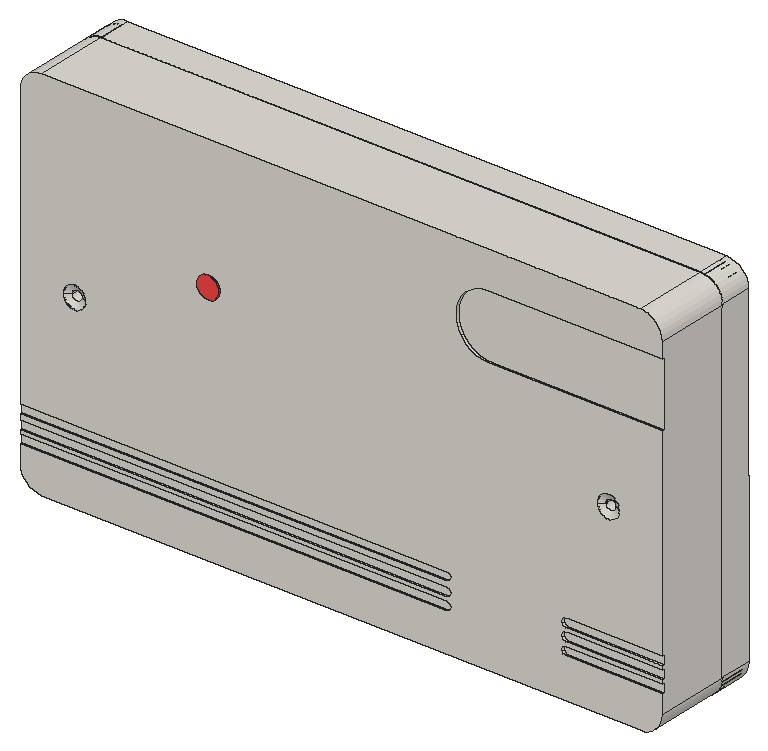
Revit family "TYCO-FPP-FireClass-FC410BDM BEAM DETECTOR MODULE", category Electrical Fixtures, Revit 2014
Parameters (values of type "TYCO-FPP-FireClass-FC410BDM BEAM DETECTOR MODULE")
  Typical Standby mA = "14"
  Width = 57 mm  # constant formula
  URL = "https://fireclass.co.uk/en/emea/DocumentandMedia1/Data%20Sheets/80093%20Tyco%20Datasheet_addressable%20Loop%20Modules%20LR.pdf"
  Typical Alarm mA = "21"
  Type Comments = "For remote siting of the FIRERAY\r\ndetector an optional BTM800 Terminal Module can be used."
  Storage Temperature = "–40°C to +80°C"
  Relative Humidity = "10% to 95%"
  Rear Cover = yes
  PCB = PCB
  Model = "FireClass- 555.800.766"
  Manufacturer = "Tyco"
  Loop Voltage = "20V to 40Vdc"
  Length = 48 mm  # constant formula
  Keynote = "The FC410BDM Beam Detector Interface Module is designed to\r\npower and interface one FIRERAY 50/100/2000/5000 Beam\r\nDetector to the FireClass Digital Addressable Loop."
  Front Cover = yes
  Detector EOL = "4k7 Ohm"
  Description = "Beam Detector"
  Operating Temperature = "10 - + 55 ºC"
Reference planes
  plane 1 "Center (Front/Back)": y = 0
  plane 2: z = 0
  plane 3 "Center (Left/Right)": x = 0
  plane 4: z = -24
  plane 5: z = 24
  plane 6: x = -28.5
  plane 7: x = 28.5
Forms (mm)
  Extrusion 1, solid, material "PCB" <- "PCB", detail levels fine
    sketch origin (0, 0, 0) x (1, 0, 0) y (0, 0, 1)
      loop
        line (-28.5, 24) -> (-28.5, -24) -> (28.5, -24) -> (28.5, 24) -> (-28.5, 24)
      loop
        circle (-18.236, 8.149) r 2
      loop
        circle (24.056, 20.106) r 1.086
      loop
        circle (24.056, -20.106) r 1.086
      loop
        circle (-25.405, 7.275) r 1.086
      loop
        circle (-24.056, -20.106) r 1.086
      loop
        circle (-18.236, -8.149) r 2
      loop
        circle (18.236, 8.149) r 2
      loop
        circle (18.236, -8.149) r 2
    from 0 to -0.506
  Extrusion 2, solid, material "ss", detail levels fine
    sketch origin (-28.5, 0, -22.75) x (0, 0, 1) y (0, 1, 0)
      loop
        line (46.493, 0) -> (35.717, 0) -> (35.717, -2.806) -> (38.91, -5.999) -> (43.91, -5.999) -> (46.493, -3.416) -> (46.493, 0)
    from -7.619 to -47.722
  Extrusion 3, solid, material "rsd", detail levels fine
    sketch origin (0, 0, 0) x (1, 0, 0) y (0, 0, 1)
      loop
        circle (17.096, 2.854) r 2.212
      loop
        circle (23.282, 2.854) r 2.212
    from 0 to 5.999
  Extrusion 4, solid, material "ss", detail levels fine
    sketch origin (0, 0, 0) x (1, 0, 0) y (0, 0, 1)
      loop
        line (-4.946, 9.168) -> (-4.946, 3.424) -> (-0.604, 3.424) -> (-0.604, 9.168) -> (-4.946, 9.168)
      loop
        line (0.932, 9.168) -> (0.932, 3.424) -> (5.273, 3.424) -> (5.273, 9.168) -> (0.932, 9.168)
    from 0 to 0.404
  Extrusion 5, solid, material "LED RED", detail levels fine
    sketch origin (0, 0, 0) x (1, 0, 0) y (0, 0, 1)
      loop
        circle (0, -13.741) r 1.2
    from 0 to 0.257
  Extrusion 6, solid, material "ST", detail levels fine
    sketch origin (-28.5, 0, 12.967) x (-1, 0, 0) y (0, 1, 0)
      loop
        line (-8.054, -5.759) -> (-8.054, -3.661) -> (-11.063, -3.661) -> (-11.063, -5.759) -> (-8.054, -5.759)
      loop
        line (-11.686, -5.759) -> (-11.686, -3.661) -> (-14.538, -3.661) -> (-14.538, -5.759) -> (-11.686, -5.759)
      loop
        line (-15.09, -5.759) -> (-15.09, -3.661) -> (-17.942, -3.661) -> (-17.942, -5.759) -> (-15.09, -5.759)
      loop
        line (-18.409, -5.759) -> (-18.409, -3.661) -> (-21.261, -3.661) -> (-21.261, -5.759) -> (-18.409, -5.759)
      loop
        line (-21.924, -5.759) -> (-21.924, -3.661) -> (-24.776, -3.661) -> (-24.776, -5.759) -> (-21.924, -5.759)
      loop
        line (-25.243, -5.759) -> (-25.243, -3.661) -> (-28.095, -3.661) -> (-28.095, -5.759) -> (-25.243, -5.759)
      loop
        line (-47.301, -5.759) -> (-44.687, -5.759) -> (-44.687, -3.661) -> (-47.301, -3.661) -> (-47.301, -5.759)
      loop
        line (-44.064, -5.759) -> (-41.681, -5.759) -> (-41.681, -3.661) -> (-44.064, -3.661) -> (-44.064, -5.759)
      loop
        line (-41.129, -5.759) -> (-38.589, -5.759) -> (-38.589, -3.661) -> (-41.129, -3.661) -> (-41.129, -5.759)
      loop
        line (-38.122, -5.759) -> (-35.27, -5.759) -> (-35.27, -3.661) -> (-38.122, -3.661) -> (-38.122, -5.759)
      loop
        line (-34.608, -5.759) -> (-31.755, -5.759) -> (-31.755, -3.661) -> (-34.608, -3.661) -> (-34.608, -5.759)
      loop
        line (-31.289, -5.759) -> (-28.905, -5.759) -> (-28.905, -3.661) -> (-31.289, -3.661) -> (-31.289, -5.759)
    from -4.016 to -0.733
  Extrusion 7, solid, material "ST", detail levels fine
    sketch origin (-28.5, -5.999, 21.16) x (0, 0.707107, 0.707107) y (-1, 0, 0)
      loop
        circle (2.066, -9.456) r 1.205
      loop
        circle (2.066, -12.996) r 1.205
      loop
        circle (2.066, -16.21) r 1.205
      loop
        circle (2.066, -19.751) r 1.205
      loop
        circle (2.066, -23.316) r 1.205
      loop
        circle (2.066, -26.856) r 1.205
      loop
        circle (2.066, -45.981) r 1.205
      loop
        circle (2.066, -43.066) r 1.205
      loop
        circle (2.066, -39.852) r 1.205
      loop
        circle (2.066, -36.468) r 1.205
      loop
        circle (2.066, -33.059) r 1.205
      loop
        circle (2.066, -30.144) r 1.205
    from 0 to 0.518
Cuts and joins
  joined: Extrusion 2, Extrusion 4
  joined: Extrusion 6, Extrusion 7
Lines and regions (mm)
  model lines, detail levels fine
    curve 1: line (-28.5, 0, 24) -> (28.5, 0, 24)
    curve 2: line (-28.5, 0, -24) -> (-28.5, 0, 24)
    curve 3: line (28.5, 0, -24) -> (-28.5, 0, -24)
    curve 4: line (28.5, 0, 24) -> (28.5, 0, -24)
Dimensions and locks
  equal spacing: plane 7, plane 3 "Center (Left/Right)", plane 6
  "Width": plane 7 to plane 6
  equal spacing: plane 5, plane 2, plane 4
  "Length": plane 5 to plane 4
  aligned and locked: level to plane 2
  aligned and locked: plane 5 to Extrusion 1 sketch curve
  aligned and locked: plane 6 to Extrusion 1 sketch curve
  aligned and locked: plane 4 to Extrusion 1 sketch curve
  aligned and locked: plane 7 to Extrusion 1 sketch curve
  aligned and locked: plane 5 to curve 1
  aligned and locked: plane 7 to curve 4
  aligned and locked: plane 4 to curve 3
  aligned and locked: plane 6 to curve 2
  aligned and locked: Extrusion 3 to plane 1 "Center (Front/Back)"
  aligned and locked: Extrusion 4 to plane 1 "Center (Front/Back)"
  aligned and locked: Extrusion 5 to plane 1 "Center (Front/Back)"
  aligned and locked: plane 3 "Center (Left/Right)" to nested 1
  aligned and locked: plane 1 "Center (Front/Back)" to nested 1
  aligned and locked: plane 2 to nested 1
  aligned and locked: plane 3 "Center (Left/Right)" to nested 2
  aligned and locked: nested 2 to Extrusion 1
  aligned and locked: plane 2 to nested 2
Automatic sketch dimensions
  Extrusion 2 sketch curve to Extrusion 1 = 0 mm
  Extrusion 1 to Extrusion 2 sketch curve = 11.033 mm
  Extrusion 2 sketch curve to Extrusion 2 sketch curve = 3.193 mm  (x2)
  Extrusion 1 to Extrusion 2 sketch curve = 2.84 mm
  Extrusion 2 sketch curve to Extrusion 2 sketch curve = 2.806 mm
  Extrusion 1 to Extrusion 2 sketch curve = 0.257 mm
  Extrusion 2 sketch curve to Extrusion 2 sketch curve = 3.416 mm
  plane 6 to Extrusion 1 sketch curve = 4.444 mm
  plane 6 to Extrusion 1 sketch curve = 3.095 mm
  plane 6 to Extrusion 1 sketch curve = 10.264 mm  (x2)
  plane 7 to Extrusion 1 sketch curve = 10.264 mm  (x2)
  plane 7 to Extrusion 1 sketch curve = 4.444 mm  (x2)
  plane 4 to Extrusion 1 sketch curve = 3.894 mm  (x2)
  Extrusion 1 sketch curve to level = 8.149 mm  (x2)
  level to Extrusion 1 sketch curve = 8.149 mm  (x2)
  plane 5 to Extrusion 1 sketch curve = 16.725 mm
  plane 5 to Extrusion 1 sketch curve = 3.894 mm
  Extrusion 3 sketch curve to Extrusion 1 = 11.404 mm
  Extrusion 3 sketch curve to Extrusion 1 = 5.218 mm
  Extrusion 3 sketch curve to Extrusion 1 = 21.146 mm
  Extrusion 3 sketch curve to Extrusion 3 sketch curve = 0 mm
  Extrusion 4 sketch curve to Extrusion 1 = 23.554 mm
  Extrusion 4 sketch curve to Extrusion 4 sketch curve = 4.341 mm  (x2)
  Extrusion 4 sketch curve to Extrusion 4 sketch curve = 1.536 mm
  Extrusion 4 sketch curve to Extrusion 1 = 20.576 mm
  Extrusion 4 sketch curve to Extrusion 4 sketch curve = 0 mm
  Extrusion 4 sketch curve to Extrusion 4 sketch curve = 5.744 mm  (x2)
  Extrusion 5 sketch curve to Extrusion 1 = 10.259 mm
  Extrusion 5 sketch curve to Extrusion 1 = 28.5 mm
  Extrusion 6 sketch curve to Extrusion 2 = 0.421 mm
  Extrusion 6 sketch curve to Extrusion 6 sketch curve = 2.613 mm
  Extrusion 6 sketch curve to Extrusion 6 sketch curve = 0.623 mm  (x2)
  Extrusion 6 sketch curve to Extrusion 2 = 0.855 mm  (x8)
  Extrusion 6 sketch curve to Extrusion 6 sketch curve = 2.383 mm  (x2)
  Extrusion 6 sketch curve to Extrusion 6 sketch curve = 0.552 mm  (x2)
  Extrusion 6 sketch curve to Extrusion 6 sketch curve = 2.54 mm
  Extrusion 6 sketch curve to Extrusion 6 sketch curve = 0.467 mm  (x4)
  Extrusion 6 sketch curve to Extrusion 6 sketch curve = 2.852 mm  (x7)
  Extrusion 6 sketch curve to Extrusion 6 sketch curve = 0.663 mm  (x2)
  Extrusion 6 sketch curve to Extrusion 6 sketch curve = 0.81 mm
  Extrusion 6 sketch curve to Extrusion 2 = 0.436 mm
  Extrusion 6 sketch curve to Extrusion 6 sketch curve = 0 mm  (x14)
  Extrusion 6 sketch curve to Extrusion 6 sketch curve = 2.097 mm  (x2)
  Extrusion 7 sketch curve to Extrusion 2 = 1.588 mm  (x12)
  Extrusion 2 to Extrusion 7 sketch curve = 1.74 mm
  Extrusion 7 sketch curve to Extrusion 7 sketch curve = 2.915 mm  (x2)
  Extrusion 7 sketch curve to Extrusion 7 sketch curve = 3.214 mm  (x2)
  Extrusion 7 sketch curve to Extrusion 7 sketch curve = 3.384 mm
  Extrusion 7 sketch curve to Extrusion 7 sketch curve = 3.409 mm
  Extrusion 7 sketch curve to Extrusion 7 sketch curve = 3.287 mm
  Extrusion 7 sketch curve to Extrusion 7 sketch curve = 3.54 mm  (x2)
  Extrusion 7 sketch curve to Extrusion 7 sketch curve = 3.565 mm
  Extrusion 2 to Extrusion 7 sketch curve = 1.837 mm
  radius of Extrusion 1 sketch curve = 2 mm  (x4)
  radius of Extrusion 1 sketch curve = 1.086 mm  (x4)
  radius of Extrusion 3 sketch curve = 2.212 mm  (x2)
  radius of Extrusion 5 sketch curve = 1.2 mm
  radius of Extrusion 7 sketch curve = 1.205 mm  (x12)
Nested families
  nested 1: "517.035.007" at (0, 0, 0), visible <- "Front Cover", type "517.035.007 cover", detail levels fine
    with Front Cover yes
  nested 2: "517.035.010 rear cover" at (0, -5.859, -7.5), visible <- "Rear Cover", type "517.035.010 back box", detail levels fine
    with Rear cover yes
Connectors
  electrical at (0, 0, 0)
    settings: on Extrusion 1, index 1, voltage 0 V, apparent load 0 VA, apparent load phase1 0 VA, apparent load phase2 0 VA, apparent load phase3 0 VA, power factor 1, load classification "Other", number of poles 1, system type 11, power factor state 1, is connector primary yes, connector utility no, sub classification motor no, connector description ""
Definition of nested family "517.035.007"
  Parameters (values of type "517.035.007 cover")
    X = 2 mm
    W = 148 mm
    Type Comments = "M520 Ancillary cover for use with 800 series modules.\r\nWill fit onto a MK style double gang back box."
    Model = "517.035.007"
    Material = Cover
    Manufacturer = "Tyco"
    L = 87 mm
    Front Cover [instance] = yes
    Description = "M520 Ancillary Cover"
    D = 23 mm
  Reference planes
    plane 1 "Center (Front/Back)": y = 0
    plane 2: z = 0
    plane 3 "Center (Left/Right)": x = 0
    plane 4: x = -74
    plane 5: x = 74
    plane 6: x = 61.5
    plane 7: z = 43.5
    plane 8: z = -43.5
    plane 9: y = -23
  Forms (mm)
    Extrusion 1, solid, material "Cover" <- "Material", visible <- "Front Cover", detail levels fine
      sketch origin (0, -23.027, 0) x (1, 0, 0) y (0, 0, 1)
        loop
          arc (-69, 43.5) -> (-72.536, 42.036) -> (-74, 38.5) r 5
          line (-74, 38.5) -> (-74, -38.5)
          arc (-74, -38.5) -> (-72.536, -42.036) -> (-69, -43.5) r 5
          line (-69, -43.5) -> (69, -43.5)
          arc (69, -43.5) -> (72.536, -42.036) -> (74, -38.5) r 5
          line (74, -38.5) -> (74, 38.5)
          arc (74, 38.5) -> (72.536, 42.036) -> (69, 43.5) r 5
          line (69, 43.5) -> (-69, 43.5)
      from -23 to 0
    Extrusion 2, void
      sketch origin (0, -23.027, 0) x (-1, 0, 0) y (0, 0, 1)
        loop
          line (74, -26.396) -> (-24.324, -26.396)
          arc (-24.324, -26.396) -> (-25.324, -27.396) -> (-24.324, -28.396) r 1
          line (-24.324, -28.396) -> (74, -28.396) -> (74, -26.396)
        loop
          line (74, -29.671) -> (-24.324, -29.671)
          arc (-24.324, -29.671) -> (-25.324, -30.671) -> (-24.324, -31.671) r 1
          line (-24.324, -31.671) -> (74, -31.671) -> (74, -29.671)
        loop
          line (74, -32.583) -> (-24.324, -32.583)
          arc (-24.324, -32.583) -> (-25.324, -33.583) -> (-24.324, -34.583) r 1
          line (-24.324, -34.583) -> (74, -34.583) -> (74, -32.583)
        loop
          line (-51.834, -26.396) -> (-74, -26.396) -> (-74, -28.396) -> (-51.834, -28.396)
          arc (-51.834, -28.396) -> (-50.834, -27.396) -> (-51.834, -26.396) r 1
        loop
          line (-51.834, -29.305) -> (-74, -29.305) -> (-74, -31.305) -> (-51.834, -31.305)
          arc (-51.834, -31.305) -> (-50.834, -30.305) -> (-51.834, -29.305) r 1
        loop
          line (-51.834, -32.254) -> (-74, -32.254) -> (-74, -34.254) -> (-51.834, -34.254)
          arc (-51.834, -34.254) -> (-50.834, -33.254) -> (-51.834, -32.254) r 1
        loop
          line (-74, 34.995) -> (-74, 19.995) -> (-34, 19.995)
          arc (-34, 19.995) -> (-26.5, 27.495) -> (-34, 34.995) r 7.5
          line (-34, 34.995) -> (-74, 34.995)
      from 0 to 0.563
    Revolve 3, void
      sketch origin (0, -23.027, 0) x (0, -1, 0) y (1, 0, 0)
        loop
          line (-3.575, 61.5) -> (0, 61.5) -> (0, 64.045) -> (-0.836, 62.678) -> (-3.575, 62.678) -> (-3.575, 61.5)
        axis (-3.575, 61.5) -> (0, 61.5)
      angle from 0 to 360
    Extrusion 4, solid, material "LED RED", detail levels fine
      sketch origin (0, -23.027, 0) x (1, 0, 0) y (0, 0, 1)
        loop
          circle (-30.624, 12.978) r 2.558
      from -1.293 to 0.174
    Extrusion 5, void
      sketch origin (-94.576, -0.027, -4572) x (1, 0, 0) y (0, 0, -1)
        loop
          line (26.703, -4612.567) -> (162.316, -4612.567)
          arc (162.316, -4612.567) -> (164.664, -4611.594) -> (165.637, -4609.246) r 3.321
          line (165.637, -4609.246) -> (165.637, -4534.612)
          arc (165.637, -4534.612) -> (164.589, -4532.082) -> (162.058, -4531.033) r 3.578
          line (162.058, -4531.033) -> (27.05, -4531.033)
          arc (27.05, -4531.033) -> (24.499, -4532.09) -> (23.442, -4534.641) r 3.608
          line (23.442, -4534.641) -> (23.442, -4609.306)
          arc (23.442, -4609.306) -> (24.397, -4611.612) -> (26.703, -4612.567) r 3.261
      from 0 to -19.425
    Revolve 6, void
      sketch origin (0, -23.027, 0) x (0, 1, 0) y (-1, 0, 0)
        loop
          line (3.575, 61.5) -> (3.575, 62.678) -> (0.836, 62.678) -> (0, 64.045) -> (0, 61.5) -> (3.575, 61.5)
        axis (3.575, 61.5) -> (0, 61.5)
      angle from 0 to 360
  Cuts and joins
    Extrusion 2, Revolve 3, Extrusion 5, Revolve 6 cuts Extrusion 1
  Dimensions and locks
    equal spacing: plane 4, plane 3 "Center (Left/Right)", plane 5
    "W": plane 4 to plane 5
    locked: plane 5 to plane 6 at 12.5
    equal spacing: plane 7, level, plane 8
    "L": plane 7 to plane 8
    "D": plane 9 to plane 1 "Center (Front/Back)"
    aligned and locked: plane 2 to level
    aligned and locked: Extrusion 1 to Extrusion 5
    aligned and locked: Extrusion 1 sketch curve to plane 7
    aligned and locked: plane 4 to Extrusion 1 sketch curve
    aligned and locked: Extrusion 1 sketch curve to plane 8
    aligned and locked: Extrusion 1 to Extrusion 2
  Automatic sketch dimensions
    plane 5 to Extrusion 1 sketch curve = 0 mm
    plane 4 to Extrusion 1 sketch curve = 5 mm  (x2)
    plane 5 to Extrusion 1 sketch curve = 5 mm
    Extrusion 1 sketch curve to Extrusion 1 sketch curve = 5 mm
    plane 5 to Extrusion 2 sketch curve = 0 mm  (x4)
    Extrusion 2 sketch curve to plane 4 = 0 mm  (x3)
    Extrusion 2 sketch curve to plane 6 = 9.666 mm
    Extrusion 2 sketch curve to Extrusion 2 sketch curve = 0 mm  (x4)
    Extrusion 2 sketch curve to plane 6 = 27.5 mm
    Extrusion 2 sketch curve to plane 8 = 9.917 mm
    plane 3 "Center (Left/Right)" to Extrusion 2 sketch curve = 24.324 mm
    Extrusion 2 sketch curve to plane 8 = 9.246 mm
    Extrusion 2 sketch curve to plane 8 = 8.917 mm
    Extrusion 2 sketch curve to Extrusion 2 sketch curve = 1 mm  (x5)
    Extrusion 2 sketch curve to Extrusion 2 sketch curve = 0.912 mm
    Extrusion 2 sketch curve to Extrusion 2 sketch curve = 0.95 mm
    Extrusion 2 sketch curve to Extrusion 2 sketch curve = 0.908 mm
    Extrusion 2 sketch curve to Extrusion 2 sketch curve = 1.275 mm
    level to Extrusion 2 sketch curve = 19.995 mm
    Extrusion 2 sketch curve to Extrusion 2 sketch curve = 7.5 mm
    Revolve 3 sketch curve to plane 6 = 0 mm  (x2)
    plane 1 "Center (Front/Back)" to Revolve 3 sketch curve = 19.452 mm
    plane 6 to Revolve 3 sketch curve = 1.178 mm
    Revolve 3 sketch curve to Revolve 3 sketch curve = 2.739 mm
    plane 6 to Revolve 3 sketch curve = 2.545 mm
    Revolve 3 sketch curve to Revolve 3 sketch curve = 0.836 mm
    Revolve 3 sketch curve to Revolve 3 sketch curve = 0.558 mm
    Revolve 3 sketch curve to Revolve 3 sketch curve = 1.62 mm
    Extrusion 4 sketch curve to Extrusion 1 = 43.376 mm
    Extrusion 4 sketch curve to Extrusion 1 = 30.522 mm
    plane 4 to Extrusion 5 sketch curve = 2.867 mm
    Extrusion 5 sketch curve to plane 7 = 2.933 mm
    Extrusion 5 sketch curve to Extrusion 5 sketch curve = 3.261 mm
    Extrusion 5 sketch curve to plane 8 = 2.533 mm
    Extrusion 5 sketch curve to Extrusion 5 sketch curve = 3.608 mm
    plane 6 to Extrusion 5 sketch curve = 5.983 mm
    plane 6 to Extrusion 5 sketch curve = 6.24 mm
    plane 5 to Extrusion 5 sketch curve = 2.939 mm
    plane 1 "Center (Front/Back)" to Revolve 6 sketch curve = 23.027 mm
    Revolve 6 sketch curve to Revolve 6 sketch curve = 0.836 mm
    Revolve 6 sketch curve to Revolve 6 sketch curve = 2.739 mm
    plane 4 to Revolve 6 sketch curve = 12.5 mm
    Revolve 6 sketch curve to Revolve 6 sketch curve = 1.178 mm
    Revolve 6 sketch curve to Revolve 6 sketch curve = 1.367 mm
    Revolve 6 sketch curve to Revolve 6 sketch curve = 1.62 mm
    Revolve 6 sketch curve to Revolve 6 sketch curve = 0.558 mm
    Revolve 6 sketch curve to Revolve 6 sketch curve = 0 mm
    radius of Extrusion 4 sketch curve = 2.558 mm
Definition of nested family "517.035.010 rear cover"
  Parameters (values of type "517.035.010 back box")
    W = 148 mm
    URL = "http://tfppemea.com/en/_layouts/fsassets/Docs/Detection_FireClass/UK%20FireClass%20CATALOGUE%20(LR).pdf"
    Type Comments = "K2142 White plastic surface mount MK backbox for use\r\nwith 800 Series addressable ancillaries using 517.035.007\r\ncover."
    Rear cover [instance] = yes
    Model = "517.035.010\r\n517.035.010"
    Manufacturer = "Tyco"
    L = 87 mm
    Finish = rear cover
    Description = "K2142 White Plastic Surface Mount MK\r\nbackbox"
  Reference planes
    plane 1 "Center (Front/Back)": y = 0
    plane 2: z = 0
    plane 3 "Center (Left/Right)": x = 0
    plane 4: x = -74
    plane 5: x = 74
    plane 6: z = 7.5
  Forms (mm)
    Extrusion 1, solid, material "rear cover" <- "Finish", visible <- "Rear cover", detail levels fine
      sketch origin (0, 7.5, 7.5) x (1, 0, 0) y (0, 0, 1)
        loop
          arc (-69, 43.5) -> (-72.536, 42.036) -> (-74, 38.5) r 5
          line (-74, 38.5) -> (-74, -38.5)
          arc (-74, -38.5) -> (-72.536, -42.036) -> (-69, -43.5) r 5
          line (-69, -43.5) -> (69, -43.5)
          arc (69, -43.5) -> (72.536, -42.036) -> (74, -38.5) r 5
          line (74, -38.5) -> (74, 38.5)
          arc (74, 38.5) -> (72.536, 42.036) -> (69, 43.5) r 5
          line (69, 43.5) -> (-69, 43.5)
      from 0 to 7.5
    Extrusion 2, void
      sketch origin (0, 0, 0) x (-1, 0, 0) y (0, 0, 1)
        loop
          line (71.151, 48.985) -> (-71.802, 48.985) -> (-71.802, -33.613) -> (71.151, -33.613) -> (71.151, 48.985)
        loop
          circle (-61, 7.5) r 1.229
        loop
          circle (-61, 7.5) r 2.2
        loop
          circle (61, 7.5) r 1.229
        loop
          circle (61, 7.5) r 2.2
      from 0 to 6.364
  Cuts and joins
    Extrusion 2 cuts Extrusion 1
  Dimensions and locks
    equal spacing: plane 4, plane 3 "Center (Left/Right)", plane 5
    "W": plane 4 to plane 5
    plane 6 to plane 2 = 7.5 mm
    aligned and locked: plane 2 to level
    aligned and locked: Extrusion 1 sketch curve to plane 4
    aligned and locked: Extrusion 1 sketch curve to plane 5
  Automatic sketch dimensions
    Extrusion 1 sketch curve to plane 4 = 5 mm
    Extrusion 1 sketch curve to Extrusion 1 sketch curve = 5 mm
    Extrusion 1 sketch curve to plane 5 = 5 mm  (x2)
    Extrusion 1 sketch curve to level = 36 mm
    plane 6 to Extrusion 1 sketch curve = 38.5 mm
    Extrusion 2 sketch curve to Extrusion 2 sketch curve = 0 mm  (x4)
    Extrusion 2 sketch curve to plane 6 = 0 mm  (x2)
    Extrusion 2 sketch curve to plane 5 = 2.198 mm
    Extrusion 2 sketch curve to plane 5 = 13 mm
    Extrusion 2 sketch curve to plane 4 = 13 mm
    Extrusion 2 sketch curve to plane 4 = 2.849 mm
    Extrusion 2 sketch curve to level = 33.613 mm
    plane 6 to Extrusion 2 sketch curve = 41.485 mm
    radius of Extrusion 2 sketch curve = 1.229 mm  (x2)
    radius of Extrusion 2 sketch curve = 2.2 mm  (x2)
